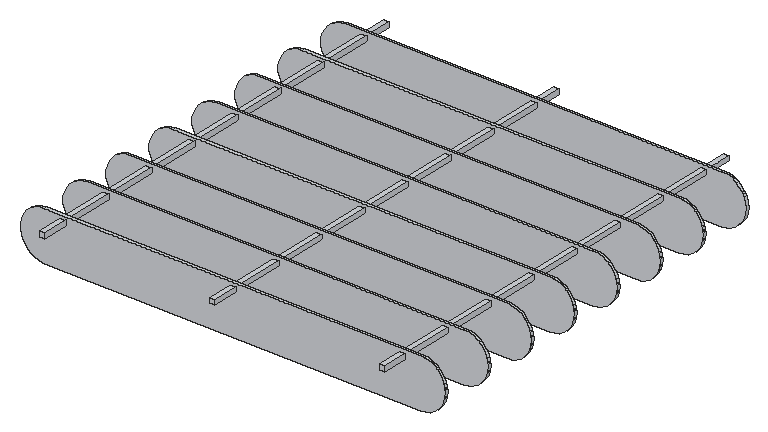
Revit family "J2 PET Felt Capsule Baffle System", category Specialty Equipment, Revit 2021
Family settings
  Round Connector Dimension = Use Diameter
  Part Type = Normal
  Work Plane-Based = No
  Always vertical = Yes
  Cut with Voids When Loaded = No
  Shared = No
  Room Calculation Point = No
Parameters (values of type "Capsule Baffle System 8'-0"x7'-11"x11"")
  Overall Width (Max. 7'-11") = 7' - 11"
  URL = "https://www.j2systems.net/"
  Symbol Name = "CSBSCA"
  Style Number = "CSBSCA"
  Release Date = "2019"
  Product Line = "Ceiling System"
  Number of Support Rails Needed = if([Overall Width (Max. 7'-11")] > 5' 6", 3, 2)  # 3
  End Spacing = ([Nominal Length (Max. 8'-0")] / Number of Baffles / 2)  # 0' - 6"
  Number of Baffles = 8
  Model = "Capsule Baffle System"
  Manufacturer = "J2 Systems"  # constant formula
  Nominal Length (Max. 8'-0") = 8' - 0"
  Felt Color = none
  Default Elevation = 0' - 0"
  Baffle Spacing [instance] = 1' - 0"
  Baffle Height (Max. 3'-11") = 0' - 11"
Types (2): name | Overall Width (Max. 7'-11") | Number of Support Rails Needed
  Capsule Baffle System 8'-0"x7'-11"x11" | 7' - 11" | 3
  Capsule Baffle System 8'-0"x3'-11"x11" | 3' - 11" | 2
Reference planes (in)
  plane 1 "Center (Front/Back)": y = 0
  plane 2: z = 0
  plane 3 "Center (Left/Right)": x = 0
  plane 4: y = 48
  plane 5: y = -48
  plane 6: x = -47.5
  plane 7: x = 47.5
  plane 8 "Top Edge": z = 11
  plane 9: y = 42
  plane 10: y = -42
  plane 11 "Center L/S": z = 10.25
Dimensions and locks (in)
  equal spacing: plane 4, plane 1 "Center (Front/Back)", plane 5
  equal spacing: plane 6, plane 3 "Center (Left/Right)", plane 7
  "Nominal Length (Max. 8'-0")": plane 4 to plane 5
  "Overall Width (Max. 7'-11")": plane 6 to plane 7
  "Baffle Height (Max. 3'-11")": plane 8 "Top Edge" to level
  locked: plane 6 to nested 1 at 9
  equal spacing: group 1, group 11, group 2  (x3)
  locked: nested 2 to plane 7 at 9
  "End Spacing": plane 4 to plane 9
  "End Spacing": plane 10 to plane 5
  plane 8 "Top Edge" to plane 11 "Center L/S" = 0' - 0 3/4"
  plane 7 to plane 6 = 7' - 11"
  equal spacing: group 3, group 5, group 6, group 7, group 8, group 9, group 10, group 4  (x3)
  aligned and locked: plane 2 to level
  aligned and locked: plane 11 "Center L/S" to nested 2
  aligned and locked: plane 11 "Center L/S" to nested 1
  aligned and locked: nested 3 to plane 10
  aligned and locked: nested 4 to plane 9
Nested families (in)
  nested 1: "Aluminum Support Rail" at (-37.9375, 0, 9.125), type "Aluminum Support Rail"
    with Length 8' - 0"
  nested 2: "Aluminum Support Rail" at (37.9375, 0, 9.125), type "Aluminum Support Rail"
    with Length 8' - 0"
  nested 3: "J2 PET Felt Capsule Baffle Single" at (0, -42, 0), type "Capsule Baffle 7'-11" x 11""
  nested 4: "J2 PET Felt Capsule Baffle Single" at (0, 42, 0), type "Capsule Baffle 7'-11" x 11""
  nested 5: "J2 PET Felt Capsule Baffle Single" at (0, -30, 0), type "Capsule Baffle 7'-11" x 11""
  nested 6: "J2 PET Felt Capsule Baffle Single" at (0, -18, 0), type "Capsule Baffle 7'-11" x 11""
  nested 7: "J2 PET Felt Capsule Baffle Single" at (0, -6, 0), type "Capsule Baffle 7'-11" x 11""
  nested 8: "J2 PET Felt Capsule Baffle Single" at (0, 6, 0), type "Capsule Baffle 7'-11" x 11""
  nested 9: "J2 PET Felt Capsule Baffle Single" at (0, 18, 0), type "Capsule Baffle 7'-11" x 11""
  nested 10: "J2 PET Felt Capsule Baffle Single" at (0, 30, 0), type "Capsule Baffle 7'-11" x 11""
  nested 11: "Aluminum Support Rail" at (0, 0, 9.125), type "Aluminum Support Rail"
    with Length 8' - 0"
Definition of nested family "Aluminum Support Rail"
  Parameters (values of type "Aluminum Support Rail")
    URL = "https://www.j2systems.net/"
    Symbol Name = "CSBFRE"
    Style Number = "CSBFRE"
    Release Date = "2019"
    Product Line = "Ceiling System"
    Model = "Rectangular Baffle Single"
    Manufacturer = "J2 Systems"  # constant formula
    Length = 7' - 11"
    Default Elevation = 0' - 0"
  Reference planes (in)
    plane 1 "Center (Front/Back)": y = 0
    plane 2: z = 0
    plane 3 "Center (Left/Right)": x = 0
    plane 4: y = 47.5
    plane 5: y = -47.5
    plane 6: x = -0.5625
    plane 7: x = 0.5625
    plane 8: z = 11
  Forms (in)
    Extrusion 1, solid
      sketch origin (0, 0, 0) x (1, 0, 0) y (0, 1, 0)
        loop
          line (-0.5625, 47.5) -> (-0.5625, -47.5) -> (0.5625, -47.5) -> (0.5625, 47.5) -> (-0.5625, 47.5)
      from 0 to 1.125
  Dimensions and locks (in)
    equal spacing: plane 6, plane 3 "Center (Left/Right)", plane 7
    locked: plane 8 to level at 11
    equal spacing: plane 4, plane 1 "Center (Front/Back)", plane 5
    plane 6 to plane 7 = 0' - 1 1/8"
    "Length": plane 4 to plane 5
    aligned and locked: plane 2 to level
    aligned and locked: plane 7 to Extrusion 1
    aligned and locked: Extrusion 1 to plane 6
    aligned and locked: Extrusion 1 to plane 5
    aligned and locked: plane 4 to Extrusion 1
  Automatic sketch dimensions
    Extrusion 1 sketch curve to plane 5 = 0' - 0"
    Extrusion 1 sketch curve to plane 6 = 0' - 0"
    Extrusion 1 sketch curve to plane 7 = 0' - 0"
    Extrusion 1 sketch curve to plane 4 = 0' - 0"
Definition of nested family "J2 PET Felt Capsule Baffle Single"
  Parameters (values of type "Capsule Baffle 7'-11" x 11"")
    URL = "https://www.j2systems.net/"
    Symbol Name = "CSBFCA"
    Style Number = "CSBFCA"
    Release Date = "2019"
    Product Line = "Ceiling System"
    Model = "Capsule Baffle Single"
    Manufacturer = "J2 Systems"  # constant formula
    Radius = [Baffle Height (Max. 3'-11")] / 2  # 0' - 5 1/2"
    Baffle Length (Max. 7'-11") = 7' - 11"
    Felt Color = none
    Default Elevation = 0' - 0"
    Baffle Height (Max. 3'-11") = 0' - 11"
  Reference planes (in)
    plane 1 "Center (Front/Back)": y = 0
    plane 2: z = 0
    plane 3 "Center (Left/Right)": x = 0
    plane 4: y = 0.25
    plane 5: y = -0.25
    plane 6: x = -47.5
    plane 7: x = 47.5
    plane 8: z = 11
    plane 9: z = 5.5
    plane 10: x = -42
    plane 11: x = 42
  Forms (in)
    Extrusion 1, solid, material <- "Felt Color"
      sketch origin (0, 0, 0) x (1, 0, 0) y (0, 0, 1)
        loop
          arc (-42, 11) -> (-47.5, 5.5) -> (-42, 0) r 5.5
          line (-42, 0) -> (42, 0)
          arc (42, 0) -> (47.5, 5.5) -> (42, 11) r 5.5
          line (42, 11) -> (-42, 11)
      from -0.25 to 0.25
  Dimensions and locks (in)
    equal spacing: plane 6, plane 3 "Center (Left/Right)", plane 7
    "Baffle Length (Max. 7'-11")": plane 6 to plane 7
    "Baffle Height (Max. 3'-11")": plane 8 to level
    equal spacing: plane 8, plane 9, level
    "Radius": plane 10 to plane 6
    "Radius": plane 7 to plane 11
    aligned and locked: plane 2 to level
    aligned and locked: Extrusion 1 sketch curve to plane 8
    aligned and locked: level to Extrusion 1 sketch curve
    aligned and locked: plane 11 to Extrusion 1 sketch curve  (x2)
    aligned and locked: plane 10 to Extrusion 1 sketch curve
